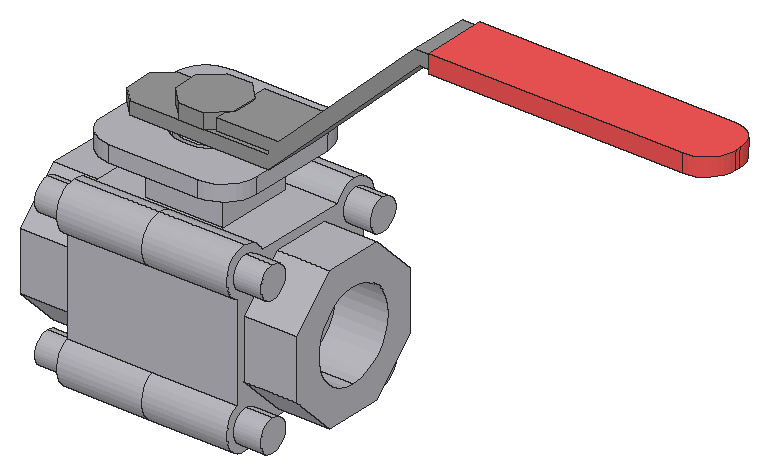
Revit family "321AC-Ball-Valve", category Pipe Accessories, Revit 2018
Family settings
  Round Connector Dimension = Use Diameter
  Part Type = Valve - Breaks Into
  OmniClass Number = 23.60.30.11.14
  OmniClass Title = Pipework Fittings
  Work Plane-Based = No
  Always vertical = Yes
  Cut with Voids When Loaded = No
  Shared = No
Parameters
  Z4 [instance] = size_lookup(LookupTable, "Z4", 0.000", Nominal Diameter)  # 0.920"
  Z3 [instance] = size_lookup(LookupTable, "Z3", 0.000", Nominal Diameter)  # 0.200"
  Weight [instance] = size_lookup(LookupTable, "Weight", "NA", Nominal Diameter)  # "4.59 lbs."
  URL = "http://www.fnw.com"
  Standards Lookup Table = "Standards"  # constant formula
  R3 [instance] = size_lookup(LookupTable, "R3", 0.000", Nominal Diameter)  # 1.24451"
  Product ID Handle [instance] = "NA"
  Product ID [instance] = size_lookup(LookupTable, "ProductID", "NA", Nominal Diameter)  # "4106201"
  Pipe Diameter [instance] = size_lookup(Standards Lookup Table, "copper", 0.000", Nominal Diameter)  # 1.125"
  Pins [instance] = Lm / 2  # 0.880"
  Pin Length [instance] = X2 * 4 + X3  # 2.8824"
  Pin Diameter [instance] = size_lookup(LookupTable, "m", 0.000", Nominal Diameter)  # 0.400"
  Pin Bung [instance] = Pin Diameter * 1.5  # 0.600"
  Part Number Handle [instance] = "NA"
  Part Number [instance] = size_lookup(LookupTable, "PartNumber", "NA", Nominal Diameter)  # "FNW321ACG"
  PIpe Radius [instance] = Pipe Diameter / 2  # 0.5625"
  NPT Insert [instance] = size_lookup(Standards Lookup Table, "NPT_insert", 0.000", Nominal Diameter)  # 0.6828"
  Manufacturer = "FNW"  # constant formula
  Lm [instance] = size_lookup(LookupTable, "lm", 0.000", Nominal Diameter)  # 1.760"
  Grip Pin4 [instance] = X3 / 2 + (X2 * 2)  # 1.4412"
  Gear [instance] = D3_Half - 0.063"  # 0.4295"
  Description BOM Handle [instance] = "NA"
  Description BOM [instance] = size_lookup(LookupTable, "Description_BOM", "NA", Nominal Diameter)  # "1 CS Stainless Steel 2000# 250# Steam Threaded 3 Piece"
  Z2 [instance] = size_lookup(LookupTable, "Z2", 0.000", Nominal Diameter)  # 0.300"
  Z1 [instance] = size_lookup(LookupTable, "Z1", 0.000", Nominal Diameter)  # 1.290"
  X3 [instance] = size_lookup(LookupTable, "X3", 0.000", Nominal Diameter)  # 1.4664"
  X2 [instance] = size_lookup(LookupTable, "X2", 0.000", Nominal Diameter)  # 0.354"
  X1 [instance] = size_lookup(LookupTable, "X1", 0.000", Nominal Diameter)  # 0.6828"
  Show Lever Clearance [instance] = no
  R2 [instance] = size_lookup(LookupTable, "R2", 0.000", Nominal Diameter)  # 1.04451"
  R1_Diam [instance] = R1 * 2  # 1.810"
  R1 [instance] = size_lookup(LookupTable, "R1", 0.000", Nominal Diameter)  # 0.905"
  Nominal Radius [instance] = Nominal Diameter / 2  # 0.500"
  Nominal Diameter [instance] = 1.000"
  LookupTable = "321AC-Ball-Valve"  # constant formula
  HexAngle1 [instance] = 135.00°
  D4 [instance] = size_lookup(LookupTable, "D4", 0.000", Nominal Diameter)  # 0.5625"
  D3_Half [instance] = D3 / 2  # 0.4925"
  D3 [instance] = size_lookup(LookupTable, "D3", 0.000", Nominal Diameter)  # 0.985"
  D2_Half [instance] = D2 / 2  # 0.73875"
  D2 [instance] = size_lookup(LookupTable, "D2", 0.000", Nominal Diameter)  # 1.4775"
  D1_Half [instance] = D1 / 2  # 0.985"
  D1 [instance] = size_lookup(LookupTable, "D1", 0.000", Nominal Diameter)  # 1.970"
  Body_W [instance] = Lm / 2 + 0.125"  # 1.005"
  1_Z2 [instance] = size_lookup(LookupTable, "1_Z2", 0.000", Nominal Diameter)  # 0.1644"
  1_Z1 [instance] = size_lookup(LookupTable, "1_Z1", 0.000", Nominal Diameter)  # 1.87435"
  1_Y1 [instance] = size_lookup(LookupTable, "1_Y1", 0.000", Nominal Diameter)  # 0.760"
  1_X6 [instance] = size_lookup(LookupTable, "1_X6", 0.000", Nominal Diameter)  # 0.375"
  1_X5 [instance] = size_lookup(LookupTable, "1_X5", 0.000", Nominal Diameter)  # 0.375"
  1_X4 [instance] = size_lookup(LookupTable, "1_X4", 0.000", Nominal Diameter)  # 0.985"
  1_X3 [instance] = size_lookup(LookupTable, "1_X3", 0.000", Nominal Diameter)  # 6.690"
  1_X2 [instance] = size_lookup(LookupTable, "1_X2", 0.000", Nominal Diameter)  # 1.87435"
  1_X1 [instance] = size_lookup(LookupTable, "1_X1", 0.000", Nominal Diameter)  # 1.970"
Reference planes (in)
  plane 1 "Center (Front/Back)": y = 0
  plane 2: z = 0
  plane 3 "Center (Left/Right)": x = 0
  plane 4 "X7 End": x = -1.77
  plane 5: x = -0.7332
  plane 6: x = 0.7332
  plane 7: x = 1.77
  plane 8 "Pipe radius": z = 0.5625
  plane 9 "NPT": x = -1.0872
  plane 10: z = 0.905
  plane 11: z = 1.29
  plane 12: z = 1.59
  plane 13 "top of pad": z = 1.79
  plane 14: x = 1.0872
  plane 15: x = -1.0872
  plane 16: y = -0.88
  plane 17: z = -0.88
  plane 18: z = 0.88
  plane 19: y = 0.88
  plane 20: x = 10.098
  plane 21: x = -6.87
  plane 22: y = 2.5
  plane 23: y = -2.5
  plane 24: y = -0.88
  plane 25: z = -0.88
  plane 26: z = 0.88
  plane 27: y = 0.88
  plane 28: through (0, 0, 0) normal (0, 0.7071, -0.7071)
  plane 29: through (0, 0, 0) normal (0, 0.7071, 0.7071)
  plane 30: y = -0.88
  plane 31: y = 0.88
  plane 32: y = -1.465
  plane 33: z = -1.465
  plane 34: z = 1.465
  plane 35: y = 1.465
  plane 36 "Pin Plane": x = -1.4412
  plane 37 "NPT 3": x = 1.77
  plane 38: x = 1.4412
  plane 39: z = -1.27275
  plane 40 "LM": z = 1.27275
Forms (in)
  Extrusion 1, solid, material "Steel, Stainless", not visible
    sketch origin (-1.0872, 0, 0) x (0, 0, 1) y (0, -1, 0)
      loop
        circle (0, 0) r 0.5
    from 0 to 2.1744
  Extrusion 2, solid, material "Steel, Stainless"
    sketch origin (1.4276, 0, 0) x (0, 0, 1) y (0, -1, 0)
      loop
        line (-0.37486, -0.905) -> (0.37486, -0.905) -> (0.905, -0.37486) -> (0.905, 0.37486) -> (0.37486, 0.905) -> (-0.37486, 0.905) -> (-0.905, 0.37486) -> (-0.905, -0.37486) -> (-0.37486, -0.905)
      loop
        circle (0, 0) r 0.5625
    from -3.1976 to 0.3424
  Extrusion 3, solid, material "Steel, Stainless"
    sketch origin (0, 0, 0.865) x (-1, 0, 0) y (0, -1, 0)
      loop
        arc (0.56833, -0.985) -> (0.86296, -0.86296) -> (0.985, -0.56833) r 0.41667
        line (0.985, -0.56833) -> (0.985, 0.56833)
        arc (0.985, 0.56833) -> (0.86296, 0.86296) -> (0.56833, 0.985) r 0.41667
        line (0.56833, 0.985) -> (-0.56833, 0.985)
        arc (-0.56833, 0.985) -> (-0.86296, 0.86296) -> (-0.985, 0.56833) r 0.41667
        line (-0.985, 0.56833) -> (-0.985, -0.56833)
        arc (-0.985, -0.56833) -> (-0.86296, -0.86296) -> (-0.56833, -0.985) r 0.41667
        line (-0.56833, -0.985) -> (0.56833, -0.985)
      loop
        circle (0, 0) r 0.4925
      loop
        circle (0, 0) r 0.4295
    from 0.725 to 0.925
  Extrusion 4, solid, material "Steel, Stainless"
    sketch origin (0, 0, 0.865) x (-1, 0, 0) y (0, -1, 0)
      loop
        line (0.4925, -0.4925) -> (0.4925, 0.4925) -> (-0.4925, 0.4925) -> (-0.4925, -0.4925) -> (0.4925, -0.4925)
    from -0.3025 to 0.725
  Extrusion 5, solid, material "Steel, Stainless"
    sketch origin (0, 0, 0.865) x (-1, 0, 0) y (0, -1, 0)
      loop
        line (0.21875, -0.21875) -> (0.21875, 0.21875) -> (-0.21875, 0.21875) -> (-0.21875, -0.21875) -> (0.21875, -0.21875)
    from 0.425 to 0.925
  Extrusion 6, solid, material "Steel, Stainless"
    sketch origin (-1.0872, 0, 0) x (0, 0, 1) y (0, -1, 0)
      loop
        circle (0.88, 0.88) r 0.2
      loop
        circle (0.88, -0.88) r 0.2
      loop
        circle (-0.88, -0.88) r 0.2
      loop
        circle (-0.88, 0.88) r 0.2
    from -0.354 to 2.5284
  Extrusion 7, solid, material "Steel, Stainless"
    sketch origin (-1.0872, 0, 0) x (0, 0, 1) y (0, -1, 0)
      loop
        circle (0.88, -0.88) r 0.3
      loop
        circle (0.88, 0.88) r 0.3
      loop
        circle (-0.88, 0.88) r 0.3
      loop
        circle (-0.88, -0.88) r 0.3
    from 0 to 1.0872
  Extrusion 8, solid, material "Steel, Stainless"
    sketch origin (-1.0872, 0, 0) x (0, 0, 1) y (0, -1, 0)
      loop
        circle (0.88, -0.88) r 0.3
      loop
        circle (0.88, 0.88) r 0.3
      loop
        circle (-0.88, 0.88) r 0.3
      loop
        circle (-0.88, -0.88) r 0.3
    from 1.0872 to 2.1744
  Extrusion 9, solid, material "Steel, Stainless"
    sketch origin (-1.4412, 0, 0) x (0, 0, 1) y (0, -1, 0)
      loop
        line (1.005, -1.005) -> (1.005, 1.005) -> (-1.005, 1.005) -> (-1.005, -1.005) -> (1.005, -1.005)
    from 0.354 to 2.5284
Cuts and joins
  joined: Extrusion 7, Extrusion 8, Extrusion 9
Dimensions and locks (in)
  "PIpe Radius": plane 8 "Pipe radius" to plane 2
  "X1": plane 4 "X7 End" to plane 9 "NPT"
  "R1": Extrusion 2 sketch curve to plane 1 "Center (Front/Back)"
  "R1": plane 1 "Center (Front/Back)" to Extrusion 2 sketch curve  (x5)
  "R1": plane 2 to Extrusion 2 sketch curve  (x2)
  "R1": plane 10 to plane 2
  "Z1": plane 11 to plane 2
  "Z2": plane 12 to plane 11
  "Z3": plane 13 "top of pad" to plane 12
  "X2": plane 5 to plane 9 "NPT"
  "D1_Half": Extrusion 3 sketch curve to plane 3 "Center (Left/Right)"
  "D1_Half": plane 3 "Center (Left/Right)" to Extrusion 3 sketch curve
  "D1_Half": plane 1 "Center (Front/Back)" to Extrusion 3 sketch curve
  "D1_Half": Extrusion 3 sketch curve to plane 1 "Center (Front/Back)"
  "D3_Half": Extrusion 4 sketch curve to plane 3 "Center (Left/Right)"
  "D3_Half": plane 3 "Center (Left/Right)" to Extrusion 4 sketch curve
  "D3_Half": plane 1 "Center (Front/Back)" to Extrusion 4 sketch curve  (x2)
  "NPT Insert": plane 4 "X7 End" to plane 15
  equal spacing: Extrusion 5 sketch curve, plane 1 "Center (Front/Back)", Extrusion 5 sketch curve
  Extrusion 5 sketch curve to Extrusion 5 sketch curve = 0.4375"  (x2)
  equal spacing: Extrusion 5 sketch curve, plane 3 "Center (Left/Right)", Extrusion 5 sketch curve
  "Pins": plane 2 to plane 18
  "Pins": plane 2 to plane 17
  "Pins": plane 1 "Center (Front/Back)" to plane 16
  "Pins": plane 19 to plane 1 "Center (Front/Back)"
  equal spacing: plane 22, plane 1 "Center (Front/Back)", plane 23
  plane 22 to plane 23 = 5.000"
  "Pins": plane 27 to plane 1 "Center (Front/Back)" to plane 24
  "Pins": plane 25 to plane 2 to plane 26
  plane 31 to plane 30 = 1.760"
  equal spacing: plane 31, plane 1 "Center (Front/Back)", plane 30
  "Lm": plane 31 to plane 30
  plane 35 to plane 32 = 2.930"
  plane 33 to plane 34 = 2.930"
  "X2": plane 14 to plane 6
  "X2": plane 15 to plane 36 "Pin Plane"
  equal spacing: plane 6, plane 3 "Center (Left/Right)", plane 5
  "X3": plane 6 to plane 5
  "X1": plane 37 "NPT 3" to plane 14
  "Grip Pin4": Extrusion 6 to plane 3 "Center (Left/Right)"
  "X2": plane 38 to plane 14
  "NPT Insert": plane 7 to plane 14
  "Body_W": Extrusion 9 sketch curve to plane 2
  "Body_W": plane 1 "Center (Front/Back)" to Extrusion 9 sketch curve
  "Body_W": plane 2 to Extrusion 9 sketch curve
  "Body_W": Extrusion 9 sketch curve to plane 1 "Center (Front/Back)"
  "Nominal Radius": radius of Extrusion 1 sketch curve
  "PIpe Radius": radius of Extrusion 2 sketch curve
  radius of Extrusion 3 sketch curve = 0.41667"  (x4)
  "D3_Half": radius of Extrusion 3 sketch curve
  "Gear": radius of Extrusion 3 sketch curve
  "Pin Diameter": diameter of Extrusion 6 sketch curve  (x4)
  "Pin Bung": diameter of Extrusion 7 sketch curve  (x4)
  "Pin Bung": diameter of Extrusion 8 sketch curve  (x4)
  angle Extrusion 2 sketch curve to Extrusion 2 sketch curve = 135.00°  (x7)
  aligned and locked: plane 2 to level
  aligned and locked: plane 4 "X7 End" to Extrusion 2
  aligned and locked: Extrusion 3 to plane 12
  aligned and locked: plane 13 "top of pad" to Extrusion 3
  aligned and locked: Extrusion 4 to plane 8 "Pipe radius"
  aligned and locked: Extrusion 1 to plane 15
  aligned and locked: plane 12 to Extrusion 4
  aligned and locked: Extrusion 5 to plane 11
  aligned and locked: Extrusion 7 to plane 9 "NPT"
  aligned and locked: Extrusion 8 to Extrusion 1
  aligned and locked: plane 14 to Extrusion 8
  aligned and locked: Extrusion 2 to plane 37 "NPT 3"
  aligned and locked: plane 13 "top of pad" to Extrusion 5
  aligned and locked: Extrusion 6 to plane 36 "Pin Plane"
  aligned and locked: plane 3 "Center (Left/Right)" to Extrusion 7
  aligned and locked: Extrusion 8 to plane 3 "Center (Left/Right)"
  aligned and locked: Extrusion 9 to plane 9 "NPT"
  aligned and locked: Extrusion 9 to Extrusion 1
Automatic sketch dimensions
  Extrusion 1 sketch curve to level = 0.000"
  Extrusion 1 sketch curve to plane 1 "Center (Front/Back)" = 0.000"
  Extrusion 2 sketch curve to level = 0.000"
  Extrusion 2 sketch curve to plane 1 "Center (Front/Back)" = 0.000"
  Extrusion 3 sketch curve to Extrusion 3 sketch curve = 0.000"  (x2)
  plane 1 "Center (Front/Back)" to Extrusion 3 sketch curve = 0.000"
  Extrusion 3 sketch curve to plane 3 "Center (Left/Right)" = 0.000"
  Extrusion 6 sketch curve to plane 17 = 0.000"  (x2)
  Extrusion 6 sketch curve to plane 16 = 0.000"  (x2)
  plane 18 to Extrusion 6 sketch curve = 0.000"  (x2)
  Extrusion 6 sketch curve to plane 19 = 0.000"  (x2)
  Extrusion 7 sketch curve to plane 24 = 0.000"  (x2)
  Extrusion 7 sketch curve to plane 25 = 0.000"  (x2)
  plane 26 to Extrusion 7 sketch curve = 0.000"  (x2)
  Extrusion 7 sketch curve to plane 27 = 0.000"  (x2)
  plane 28 to Extrusion 8 sketch curve = 0.000"  (x2)
  Extrusion 8 sketch curve to plane 30 = 0.000"  (x2)
  plane 29 to Extrusion 8 sketch curve = 0.000"  (x2)
  Extrusion 8 sketch curve to plane 31 = 0.000"  (x2)
Nested families (in)
  nested 1: "Nested Lever Lock_Red_321AC" at (0, 0, 1.79), Show Lever Clearance <- "Show Lever Clearance", Description BOM <- "Description BOM Handle", Part Number <- "Part Number Handle", Product ID <- "Product ID Handle", Z3 <- "Z3", 1_X2 <- "1_X2", 1_X3 <- "1_X3", 1_X4 <- "1_X4", 1_X6 <- "1_X6", 1_Y1 <- "1_Y1", 1_Z1 <- "1_Z1", 1_Z2 <- "1_Z2", 1_X1 <- "1_X1", D3 <- "D3", type "Nested Lever Lock_Red_321AC"
    with Z3 0.200", Z1_Z2 1.01937", Void_Outer_Radius 0.4425", Void_Outer 0.885", Tab_Width 0.4425", Tab_Height_Center 0.93718", Tab Lock 0.19565", Show Lever Clearance no, Product ID "NA", Part Number "NA", Lock_Tab_Width 1.010", Hypotenuse_Tab_Center 1.32537", Grip_L3 0.2269", Grip_L2 0.19565", Grip_L1 0.03125", Description BOM "NA", D3_Half 0.32833", D3 0.985", Clearance Hieght 6.000", Angle Hex Head 135.00°, Ang_Constraint 39.81°, 1_Z2_Half 0.0822", 1_Z2 0.1644", 1_Z1_Quarter 0.55079", 1_Z1 1.87435", 1_Y1_Half 0.380", 1_Y1 0.760", 1_X6_Half 0.375", 1_X6 0.375", 1_X4 0.985", 1_X3_and_1__Y1_Half 7.070", 1_X3 6.690", 1_X2_Quarter 0.46859", 1_X2_Half 0.93718", 1_X2 1.87435", 1_X1 1.970", 0Grip 2.125"
Connectors (in)
  piping at (-1.0872, 0, 0), diameter 1, driven by "Nominal Diameter"
    settings: on Extrusion 1, index 1, connector inside diameter 24", connector length 0.000", flow factor 0, pipe flow 0 GPM, pressure drop 0.00 psi, fitting loss kfactor 0, connector angle 0.00°, fixture units 0, engagement length 0.000", angle of deflection 0.00°, flow configuration 0, flow direction 0, fitting loss method 0, system type 7, joint type 0, gender type 0, connector reference index 2, connector utility 0, adjustable connector no, is connector primary yes, connector description ""
  piping at (1.0872, 0, 0), diameter 1, driven by "Nominal Diameter"
    settings: on Extrusion 1, index 2, connector inside diameter 24", connector length 0.000", flow factor 0, pipe flow 0 GPM, pressure drop 0.00 psi, fitting loss kfactor 0, connector angle 0.00°, fixture units 0, engagement length 0.000", angle of deflection 0.00°, flow configuration 0, flow direction 0, fitting loss method 0, system type 7, joint type 0, gender type 0, connector reference index 1, connector utility 0, adjustable connector no, is connector primary no, connector description ""
Definition of nested family "Nested Lever Lock_Red_321AC"
  Parameters (values of type "Nested Lever Lock_Blue_320A")
    Z3 [instance] = 0.125"
    Z1_Z2 [instance] = ([1_Z1] + [1_Z2]) / 2  # 0.6875"
    Tab_Width [instance] = [1_Y1_Half] + (Grip_L1 * 2)  # 1.0625"
    Tab_Height_Center [instance] = [1_Z1] / 2  # 0.625"
    Tab Lock [instance] = [1_Z2] + 0.03125"  # 0.15625"
    Product ID [instance] = ""
    Part Number [instance] = ""
    Lock_Tab_Width [instance] = [1_Y1] + 0.250"  # 2.250"
    Hypotenuse_Tab_Center [instance] = sqrt(Tab_Height_Center ^ 2 + [1_X2_Half] ^ 2)  # 0.97628"
    Description BOM [instance] = ""
    Angle 2 = 45.00°  # constant formula
    Ang_Constraint [instance] = 39.81°  # constant formula
    1_Z2 [instance] = 0.125"
    1_Z1_Quarter [instance] = [1_Z1] / 4 + ([1_Z2_Half])  # 0.375"
    1_Z1 [instance] = 1.250"
    1_Y1_Half [instance] = [1_Y1] / 2  # 1.000"
    1_Y1 [instance] = 2.000"
    1_X6_Half [instance] = [1_X6]  # 1.000"
    1_X6 [instance] = 1.000"
    1_X2_Quarter [instance] = [1_X2] / 4  # 0.375"
    1_X2_Half [instance] = [1_X2] / 2  # 0.750"
    1_X1 [instance] = 2.500"
    1_X3_and_1__Y1_Half [instance] = [1_X3] + [1_Y1_Half]  # 13.66198"
    1_X3 [instance] = 12.66198"
    1_X2 [instance] = 1.500"
    Void_Outer_Radius [instance] = Void_Outer / 2  # 1.0625"
    Void_Outer [instance] = [1_Y1] + Grip_L1 * 4  # 2.125"
    Show Lever Clearance [instance] = yes
    Grip_L3 [instance] = Grip_L1 + Grip_L2  # 0.1875"
    Grip_L1 [instance] = 0.03125"  # constant formula
    Grip_L2 [instance] = [1_Z2] + Grip_L1  # 0.15625"
    Default Elevation = 48.000"
    D3_Half [instance] = D3 / 3  # 0.23251"
    D3 [instance] = 0.69752"
    Clearance Hieght [instance] = 6.000"  # constant formula
    Angle Hex Head [instance] = 135.00°  # constant formula
    1_X4 [instance] = 1.100"
    1_Z2_Half [instance] = [1_Z2] / 2  # 0.0625"
    0Grip [instance] = 2.125"  # constant formula
  Reference planes (in)
    plane 1 "Center (Front/Back)": y = 0
    plane 2: z = 0
    plane 3 "Center (Left/Right)": x = 0
    plane 4: z = 0.125
    plane 5: x = -1.1
    plane 6: x = 12.66198
    plane 7: y = 1
    plane 8: y = -1
    plane 9: x = 1.4
    plane 10: x = 2.9
    plane 11: z = 1.375
    plane 12: z = 1.25
    plane 13: z = 0.25
    plane 14: z = 1.40625
    plane 15: z = 1.21875
    plane 16: x = 3.05625
    plane 17: y = 1.03125
    plane 18: y = -1.03125
    plane 19: z = -1.125
    plane 20: y = 0.5
    plane 21: y = -0.5
    plane 22: x = -1.225
    plane 23: x = 2.15
    plane 24: x = 1.775
    plane 25: x = 0.23251
    plane 26: z = 0.28125
  Forms (in)
    Extrusion 1, solid
      sketch origin (0, 0, 0) x (1, 0, 0) y (0, 1, 0)
        loop
          line (-48, 48) -> (-48, -48) -> (48, -48) -> (48, 48) -> (-48, 48)
      from 0 to -12
    Extrusion 2, solid
      sketch origin (0, 0, 0) x (1, 0, 0) y (0, 0, 1)
        loop
          line (1.54878, 0.28125) -> (0.23251, 0.28125) -> (0.23251, 0.16925) -> (1.4, 0.16925) -> (1.4, 0) -> (2.94425, 1.25) -> (4.05625, 1.25) -> (4.05625, 1.375) -> (2.9, 1.375) -> (1.54878, 0.28125)
      from -1 to 1
    Extrusion 3, solid
      sketch origin (0, 0, 0) x (1, 0, 0) y (0, 1, 0)
        loop
          line (1, 0.41421) -> (0.41421, 1) -> (-0.41421, 1) -> (-1, 0.41421) -> (-1, -0.41421) -> (-0.41421, -1) -> (0.41421, -1) -> (1, -0.41421) -> (1, 0.41421)
      from 0.125 to 0.25
    Extrusion 4, solid
      sketch origin (0, 0, 0) x (1, 0, 0) y (0, 1, 0)
        loop
          line (11.66198, 1.03125) -> (3.05625, 1.03125) -> (3.05625, -1.03125) -> (11.66198, -1.03125)
          arc (11.66198, -1.03125) -> (12.36908, -0.73836) -> (12.66198, -0.03125) r 1
          line (12.66198, -0.03125) -> (12.66198, 0.03125)
          arc (12.66198, 0.03125) -> (12.36908, 0.73836) -> (11.66198, 1.03125) r 1
      from 1.21875 to 1.40625
    Extrusion 5, solid, visible <- "Show Lever Clearance"
      sketch origin (0, 0, 0) x (1, 0, 0) y (0, 1, 0)
        loop
          line (-1.1, 1) -> (-1.1, -12.66198)
          arc (-1.1, -12.66198) -> (8.56048, -8.66048) -> (12.56198, 1) r 13.66198
          line (12.56198, 1) -> (-1.1, 1)
      from 0 to 6 <- "Clearance Hieght"
    Extrusion 6, solid
      sketch origin (0, 0, 0) x (1, 0, 0) y (0, 1, 0)
        loop
          line (1.4, -1) -> (1.4, 1) -> (-0.6, 1) -> (-1.1, 0.5) -> (-1.1, -0.5) -> (-0.6, -1) -> (1.4, -1)
      from 0 to 0.125
  Cuts and joins
    joined: Extrusion 2, Extrusion 6
  Lines and regions (in)
    reference lines
      curve 1: line (0, 0, 3.39657) -> (0, 0, -1.625)
  Dimensions and locks (in)
    "1_Z2": plane 4 to plane 2
    "1_X4": plane 3 "Center (Left/Right)" to plane 5
    "1_X3": plane 6 to plane 3 "Center (Left/Right)"
    equal spacing: plane 7, plane 1 "Center (Front/Back)", plane 8
    "1_Y1": plane 7 to plane 8
    "1_X1": plane 9 to plane 5
    "1_X2": plane 10 to plane 9
    "1_Z1": plane 11 to plane 4
    "1_Z2": plane 11 to plane 12
    equal spacing: Extrusion 3 sketch curve, curve 1, Extrusion 3 sketch curve  (x4)
    "1_Y1": Extrusion 3 sketch curve to Extrusion 3 sketch curve  (x4)
    "Z3": plane 13 to plane 4
    "Grip_L1": plane 14 to plane 11
    "Grip_L2": plane 11 to plane 15
    "Grip_L2": plane 16 to plane 10
    "Grip_L1": plane 8 to plane 18
    "Grip_L1": plane 17 to plane 7
    "1_Y1_Half": plane 16 to Extrusion 2
    "1_X3_and_1__Y1_Half": Extrusion 5 sketch curve to Extrusion 5 sketch curve  (x2)
    equal spacing: Extrusion 6 sketch curve, plane 1 "Center (Front/Back)", Extrusion 6 sketch curve
    "1_Y1_Half": Extrusion 6 sketch curve to Extrusion 6 sketch curve
    equal spacing: plane 21, plane 1 "Center (Front/Back)", plane 20
    "1_Y1_Half": plane 21 to plane 20
    "1_Z2": plane 5 to plane 22
    "1_X2_Half": plane 23 to plane 9
    "1_X2_Quarter": plane 24 to plane 9
    "D3_Half": plane 25 to plane 3 "Center (Left/Right)"
    "1_Z2": Extrusion 2 sketch curve to Extrusion 2 sketch curve
    "Tab Lock": plane 26 to plane 4
    "1_Y1_Half": radius of Extrusion 4 sketch curve  (x2)
    "1_X3_and_1__Y1_Half": radius of Extrusion 5 sketch curve
    "Angle Hex Head": angle Extrusion 3 sketch curve to Extrusion 3 sketch curve  (x6)
    "Angle 2": angle plane 5 to Extrusion 6 sketch curve
    "Angle 2": angle Extrusion 6 sketch curve to plane 5
    aligned and locked: plane 2 to Extrusion 1
    aligned and locked: level to Extrusion 1
    aligned and locked: plane 10 to Extrusion 2 sketch curve
    aligned and locked: plane 12 to Extrusion 2 sketch curve
    aligned and locked: plane 11 to Extrusion 2 sketch curve
    aligned and locked: curve 1 to plane 3 "Center (Left/Right)"
    aligned and locked: plane 4 to Extrusion 3
    aligned and locked: Extrusion 3 to plane 13
    aligned and locked: Extrusion 4 sketch curve to plane 16
    aligned and locked: Extrusion 4 sketch curve to plane 18
    aligned and locked: plane 17 to Extrusion 4 sketch curve
    aligned and locked: Extrusion 4 to plane 15
    aligned and locked: Extrusion 4 to plane 14
    aligned and locked: Extrusion 2 to plane 8
    aligned and locked: plane 7 to Extrusion 2
    aligned and locked: Extrusion 2 sketch curve to plane 9
    aligned and locked: plane 9 to Extrusion 6 sketch curve
    aligned and locked: Extrusion 6 sketch curve to plane 5
    aligned and locked: Extrusion 6 to plane 4
    aligned and locked: Extrusion 2 sketch curve to plane 25
    aligned and locked: Extrusion 2 to plane 26
  Automatic sketch dimensions
    Extrusion 1 sketch curve to Extrusion 1 sketch curve = 96.000"  (x2)
    plane 19 to curve 1 = 0.500"
    plane 14 to curve 1 = 1.99032"
    Extrusion 2 sketch curve to plane 26 = 0.000"
    Extrusion 2 sketch curve to level = 0.000"
    plane 16 to Extrusion 2 sketch curve = 1.000"
    Extrusion 2 sketch curve to plane 4 = 0.04425"
    Extrusion 4 sketch curve to plane 6 = 0.000"
    Extrusion 5 sketch curve to plane 5 = 0.000"
    Extrusion 5 sketch curve to plane 7 = 0.000"
    Extrusion 6 sketch curve to plane 8 = 0.000"
    Extrusion 6 sketch curve to plane 7 = 0.000"
